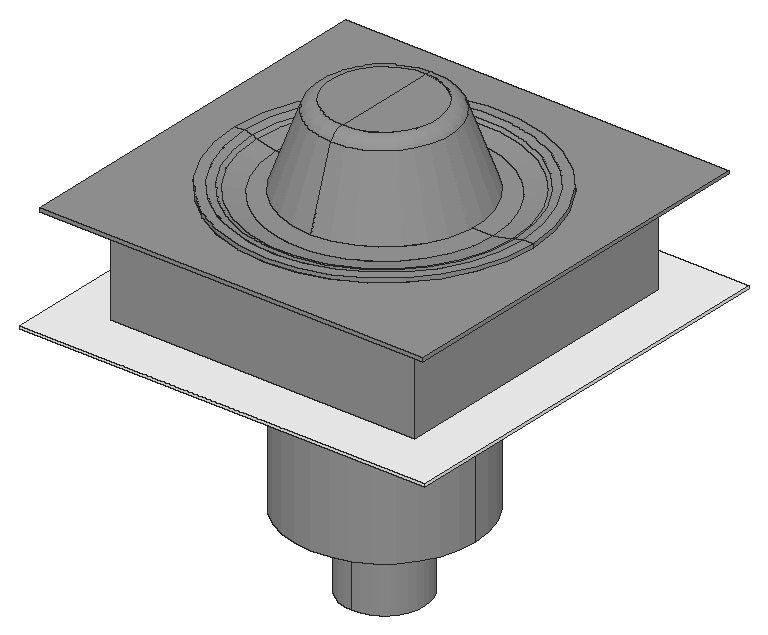
Revit family "HL_RU_Roof drain_HL63-B-221103", category Sanitärinstallationen, Revit 2020
Family settings
  Bemaßung runder Anschluss = Durchmesser verwenden
  Teiletyp = Normal
  OmniClass-Nummer = 23.70.50.21.24.14
  OmniClass-Titel = Deck Waste Water Drains
  Arbeitsebenenbasiert = Nein
  Immer vertikal = Ja
  Beim Laden mit Abzugskörper schneiden = Nein
  Gemeinsam genutzt = Nein
  Raumberechnungspunkt = Ja
Parameters (values of type "HL_Кровельная воронка_HL63_7")
  РЕШЁТКА = "Laubfangkorb d 145 mm"
  РАЗМЕР = "DN75"
  ПРОПУСКНАЯ СПОСОБНОСТЬ [instance] = 0.0 L/s
  ПРОИЗВОДИТЕЛЬНОСТЬ = "8,6 l/s"
  ПРАВОВАЯ ИНФОРМАЦИЯ = "Авторские права(©), права на дизайн или какие либо другие права интелектуальной собственности являются исключительной собственностью компании HL Hutterer & Lechner. Изменению не подлежит. Файл семейства с данными о прозводителе изделия защищен паролем с водяным знаком."
  НОМИНАЛЬНЫЙ ДИАМЕТР = 75 mm
  МАТЕРИАЛ = "PP"
  ВЫСОТА МОНТАЖА = "266_326 mm"
  ВЕС = "3,05 [kg]"
  Vorgabe-Ansicht = 0 mm
  Hersteller = "HL Hutterer & Lechner GmbH"  # constant formula
  URL = "http://www.hutterer-lechner.com/ru/products/catalog/roof-drains/HL63/7.aspx"
  Материал плитка [instance] = none
  Lüftungsverbindung = no
  Abwasserrohrverbindung = yes
  HW-Verbindung = no
  KW-Verbindung = no
  Beschreibung = "Кровельные воронки"
  Model = "HL63_7"
  Assembly Code = " "
  Typenkommentare = "HL63/7 Кровельная воронка DrainBox DN75 с зажимным элементом.,"
  Keynote = "HL63_7"
  Bысота монтажа [instance] = 100 mm  # constant formula
  G [instance] = 180.00°  # constant formula
  EAN = "9003076806300"
  D [instance] = 236 mm
  C [instance] = if(Bысота монтажа - 68 mm < 0 mm, 0 mm, Bысота монтажа - 68 mm)  # 32 mm
  B [instance] = 100 mm  # constant formula
  A [instance] = if(B - 100 mm > 15 mm, B - 100 mm, 15 mm)  # 15 mm
Types (4, lengths in mm): name | РАЗМЕР | ПРОИЗВОДИТЕЛЬНОСТЬ | НОМИНАЛЬНЫЙ ДИАМЕТР | ВЕС | URL | Model | Typenkommentare | Keynote | EAN
  (no name) | "DN75" | "8,6 l/s" | 75 | "3,05 [kg]" | "http://www.hutterer-lechner.com/ru/products/catalog/roof-drains/HL63/7.aspx" | "HL63_7" | "HL63/7 Кровельная воронка DrainBox DN75 с зажимным элементом.," | "HL63_7" | "9003076806300"
  HL_Кровельная воронка_HL63_1 | "DN110" | "8,7 l/s" | 110 | "3,08 [kg]" | "http://www.hutterer-lechner.com/ru/products/catalog/roof-drains/HL63/1.aspx" | "HL63_1" | "HL63/1 Кровельная воронка DrainBox DN110 с зажимным элементом.," | "HL63_1" | "9003076816309"
  HL_Кровельная воронка_HL63_2 | "DN125" | "12,2 l/s" | 125 | "3,1 [kg]" | "http://www.hutterer-lechner.com/ru/products/catalog/roof-drains/HL63/2.aspx" | "HL63_2" | "HL63/2 Кровельная воронка DrainBox DN125 с зажимным элементом.," | "HL63_2" | "9003076826308"
  HL_Кровельная воронка_HL63_7 | "DN75" | "8,6 l/s" | 75 | "3,05 [kg]" | "http://www.hutterer-lechner.com/ru/products/catalog/roof-drains/HL63/7.aspx" | "HL63_7" | "HL63/7 Кровельная воронка DrainBox DN75 с зажимным элементом.," | "HL63_7" | "9003076806300"
Reference planes
  plane 1 "Center (Front/Back)": y = 0
  plane 2: z = 0
  plane 3 "Center (Left/Right)": x = 0
  plane 4: z = -100
  plane 5: z = -100
Lines and regions (mm)
  model lines, style "InvisibleLines"
    curve 1: line (0, 0, 0) -> (0, 0, 20)
  model lines, style "PlumbingFixtures", detail levels coarse+medium
    curve 2: line (0, 0, -100) -> (0, 0, -85)
    curve 3: line (0, 0, -85) -> (-85, 0, 0)
    curve 4: line (0, 0, -85) -> (85, 0, 0)
    curve 6: line (0, 0, -100) -> (0, 0, -336)
  reference lines, not visible
    curve 5: line (0, 0, -100) -> (0, 0, -336)
  symbolic lines, style "PlumbingFixtures", detail levels coarse+medium
    curve 7: line (-75, 75, 0) -> (75, 75, 0)
    curve 8: line (-75, -75, 0) -> (-75, 75, 0)
    curve 9: line (75, -75, 0) -> (-75, -75, 0)
    curve 10: line (75, 75, 0) -> (75, -75, 0)
    curve 11: line (-75, 75, 0) -> (-145.711, 145.711, 0)
    curve 12: line (75, 75, 0) -> (145.711, 145.711, 0)
    curve 13: line (-75, -75, 0) -> (-145.711, -145.711, 0)
    curve 14: line (75, -75, 0) -> (145.711, -145.711, 0)
  symbolic lines, style "PlumbingFixtures", not visible, detail levels coarse+medium
    curve 15: line (-75, 75, 0) -> (75, 75, 0)
    curve 16: line (-75, -75, 0) -> (-75, 75, 0)
    curve 17: line (75, -75, 0) -> (-75, -75, 0)
    curve 18: line (75, 75, 0) -> (75, -75, 0)
    curve 19: line (-75, 75, 0) -> (-145.711, 145.711, 0)
    curve 20: line (75, 75, 0) -> (145.711, 145.711, 0)
    curve 21: line (-75, -75, 0) -> (-145.711, -145.711, 0)
    curve 22: line (75, -75, 0) -> (145.711, -145.711, 0)
Text (mm)
  text "FLOOR" at (-162.344, 0, -10.979), in view "Drain Construction View"
Dimensions and locks
  "B": plane 2 to plane 4
  "Bысота монтажа": plane 2 to plane 5
  "A": curve 4 to plane 4
  "D": curve 5 to curve 5
  "D": curve 6 to curve 6
  locked: curve 4 to plane 3 "Center (Left/Right)" (angle 45.00°)
  locked: plane 3 "Center (Left/Right)" to curve 3 (angle 45.00°)
  "G": angle curve 5 to plane 3 "Center (Left/Right)"
  aligned and locked: level to plane 2
  aligned and locked: plane 2 to curve 4
  aligned and locked: plane 2 to curve 3
  aligned and locked: plane 4 to curve 5
  aligned and locked: plane 3 "Center (Left/Right)" to curve 5
  aligned and locked: plane 4 to curve 2
  aligned and locked: curve 6 to plane 3 "Center (Left/Right)"
  aligned and locked: curve 6 to plane 4
  aligned and locked: nested 1 to plane 2
  aligned and locked: nested 1 to plane 3 "Center (Left/Right)"
  aligned and locked: plane 2 to nested 2
  aligned and locked: plane 3 "Center (Left/Right)" to nested 2
Automatic sketch dimensions
  curve 2 to plane 3 "Center (Left/Right)" = 0 mm
  curve 1 to plane 3 "Center (Left/Right)" = 0 mm
  curve 1 to level = 0 mm
  level to curve 1 = 20 mm
Nested families
  nested 1: "HL_кровельные воронки - корпус_HL63" at (0, 0, 0), НОМИНАЛЬНЫЙ ДИАМЕТР <- "НОМИНАЛЬНЫЙ ДИАМЕТР", Bысота Монтажа <- "Bысота монтажа", type "HL_кровельные воронки - корпус_HL63"
    with НОМИНАЛЬНЫЙ ДИАМЕТР 75 mm, L2 2.5 mm, L 100 mm, IHmin 266 mm, IHmax 326 mm, Bысота Монтажа 100 mm
  nested 2: "HL_Вспомогательные материалы-Противопожарная защита_HL062.1E" at (0, 0, 0), type "HL_Вспомогательные материалы-Противопожарная защита_HL062.1E"
Connectors
  piping at (0, 0, -336), diameter 75, driven by "ПРОПУСКНАЯ СПОСОБНОСТЬ", driven by "НОМИНАЛЬНЫЙ ДИАМЕТР"
    settings: on curve 5, index 1, connector inside diameter 609.6 mm, connector length 0 mm, flow factor 0, pipe flow 0.0 L/s, pressure drop 0.0 Pa, fitting loss kfactor 0, connector angle 0.00°, fixture units 0, engagement length 0 mm, angle of deflection 0.00°, flow configuration 1, flow direction 2, fitting loss method 0, system type 16, joint type 0, gender type 0, connector reference index -1, connector utility 0, adjustable connector yes, is connector primary yes, connector description ""
Definition of nested family "HL_кровельные воронки - корпус_HL63"
  Parameters (values of type "HL_кровельные воронки - корпус_HL63")
    НОМИНАЛЬНЫЙ ДИАМЕТР [instance] = 75 mm
    Default Elevation = 0 mm
    Manufacturer = ""
    URL = ""
    Description = ""
    Model = ""
    L2 [instance] = if((L = 0 mm), 0 mm, 2.5 mm)  # 2.5 mm
    L [instance] = if(Bысота Монтажа < (IHmin - 166 mm), 0 mm, if(Bысота Монтажа > (IHmax - 166 mm) + 0.1 mm, 0 mm, Bысота Монтажа + 0 mm))  # 100 mm
    Type Comments = ""
    Bысота Монтажа [instance] = 100 mm
    IHmin [instance] = 266 mm
    IHmax [instance] = 326 mm
    Cost = 0
  Reference planes
    plane 1 "Střed (vpředu/vzadu)": y = 0
    plane 2: z = 0
    plane 3 "Střed (vlevo/vpravo)": x = 0
  Forms (mm)
    Revolve 1, solid, detail levels fine
      sketch origin (0, 0, 0) x (1, 0, 0) y (0, 0, 1)
        loop
          line (-139.449, 3.483) -> (-139.449, 0) -> (-123.733, 0) -> (-80.656, -22.905) -> (-75.619, -30.372) -> (-74.528, -30.372) -> (-74.528, -25.503) -> (-75.876, -24.372) -> (-76.883, -24.372) -> (-78.919, -22.336) -> (-78.919, -6.4) -> (-80.811, -3.372) -> (-101.774, -3.372) -> (-119.623, 0.422) -> (-123.286, 1.828) -> (-130.458, 3.483) -> (-139.449, 3.483)
        axis (0, 3.483) -> (0, -30.372)
      angle from 0 to 360
    Revolve 2, solid, detail levels fine
      sketch origin (0, 0, 0) x (1, 0, 0) y (0, 0, 1)
        loop
          line (0, -270.998) -> (0, -79.034) -> (-59.734, -79.034) -> (-78.037, -37.925) -> (-78.037, -28.716) -> (-85.605, -28.716) -> (-85.605, -99.5) -> (-85.605, -265.5) -> (-67.117, -265.5) -> (-67.117, -270.998) -> (0, -270.998)
        axis (0, -28.716) -> (0, -270.998)
      angle from 0 to 360
    Extrusion 3, solid, detail levels fine
      sketch origin (0, 0, 0) x (1, 0, 0) y (0, 1, 0)
        loop
          line (179, 179) -> (-179, 179) -> (-179, -179) -> (179, -179) -> (179, 179)
        loop
          circle (0, 0) r 140
      from 0 to -3
    Extrusion 4, solid, detail levels fine
      sketch origin (0, 0, -3) x (0, 1, 0) y (1, 0, 0)
        loop
          line (142, -142) -> (142, 142) -> (-142, 142) -> (-142, -142) -> (142, -142)
        loop
          line (137.815, -138.15) -> (137.815, 138.393) -> (-138.16, 138.393) -> (-138.16, -138.15) -> (137.815, -138.15)
      from 0 to 94
    Extrusion 5, solid, detail levels fine
      sketch origin (0, 189, -100) x (0, -1, 0) y (1, 0, 0)
        loop
          line (0, -189) -> (378, -189) -> (378, 189) -> (0, 189) -> (0, -189)
      from 0 to 2.5 <- "L2"
    Extrusion 6, solid, detail levels fine
      sketch origin (0, 189, -97.5) x (0, -1, 0) y (1, 0, 0)
        loop
          line (327.16, 138.393) -> (51.185, 138.393) -> (51.185, -138.15) -> (327.16, -138.15) -> (327.16, 138.393)
        loop
          line (58.811, -130.38) -> (318.811, -130.38) -> (318.811, 130.965) -> (58.811, 130.965) -> (58.811, -130.38)
      from 0 to 60
    Extrusion 7, solid, detail levels fine
      sketch origin (0, 0, -270.998) x (0, 1, 0) y (1, 0, 0)
        loop
          circle (0, 0) r 37.5
      from 0 to 65
  Lines and regions (mm)
    reference lines
      curve 1: line (0, 189, -100) -> (0, -246, -100)
  Dimensions and locks
    "L": curve 1 to plane 2
    "НОМИНАЛЬНЫЙ ДИАМЕТР": diameter of Extrusion 7 sketch curve
    aligned and locked: level to plane 2
  Automatic sketch dimensions
    Revolve 1 sketch curve to level = 0 mm
    Revolve 1 sketch curve to plane 3 "Střed (vlevo/vpravo)" = 0 mm
    Revolve 1 sketch curve to level = 30.372 mm
    Revolve 1 sketch curve to plane 3 "Střed (vlevo/vpravo)" = 74.528 mm
    Revolve 1 sketch curve to Revolve 1 sketch curve = 1.091 mm
    Revolve 1 sketch curve to level = 24.372 mm
    Revolve 1 sketch curve to Revolve 1 sketch curve = 1.348 mm
    Revolve 1 sketch curve to Revolve 1 sketch curve = 1.008 mm
    Revolve 1 sketch curve to Revolve 1 sketch curve = 2.036 mm
    Revolve 1 sketch curve to level = 22.905 mm
    Revolve 1 sketch curve to Revolve 1 sketch curve = 1.736 mm
    Revolve 1 sketch curve to Revolve 1 sketch curve = 1.892 mm
    Revolve 1 sketch curve to level = 3.372 mm
    Revolve 1 sketch curve to Revolve 1 sketch curve = 20.963 mm
    level to Revolve 1 sketch curve = 0.422 mm
    Revolve 1 sketch curve to Revolve 1 sketch curve = 17.849 mm
    level to Revolve 1 sketch curve = 1.828 mm
    Revolve 1 sketch curve to Revolve 1 sketch curve = 3.663 mm
    Revolve 1 sketch curve to Revolve 1 sketch curve = 0.447 mm
    level to Revolve 1 sketch curve = 3.483 mm
    Revolve 1 sketch curve to Revolve 1 sketch curve = 7.172 mm
    Revolve 1 sketch curve to Revolve 1 sketch curve = 8.991 mm
    Revolve 1 sketch curve to Revolve 1 sketch curve = 1.131 mm
    Revolve 1 sketch curve to Revolve 1 sketch curve = 0.569 mm
    Revolve 1 sketch curve to Revolve 1 sketch curve = 3.027 mm
    Revolve 1 sketch curve to Revolve 1 sketch curve = 269.628 mm
    level to Revolve 1 sketch curve = 295.621 mm
    plane 1 "Střed (vpředu/vzadu)" to Extrusion 3 sketch curve = 0 mm
    Extrusion 3 sketch curve to plane 3 "Střed (vlevo/vpravo)" = 0 mm
    Extrusion 3 sketch curve to plane 3 "Střed (vlevo/vpravo)" = 179 mm
    plane 3 "Střed (vlevo/vpravo)" to Extrusion 3 sketch curve = 179 mm
    plane 1 "Střed (vpředu/vzadu)" to Extrusion 3 sketch curve = 179 mm
    Extrusion 3 sketch curve to plane 1 "Střed (vpředu/vzadu)" = 179 mm
    Extrusion 3 to Extrusion 4 sketch curve = 37 mm  (x2)
    Extrusion 4 sketch curve to Extrusion 4 sketch curve = 3.84 mm
    Extrusion 3 to Extrusion 4 sketch curve = 41.185 mm
    Extrusion 4 sketch curve to Extrusion 4 sketch curve = 4.185 mm
    Extrusion 4 sketch curve to Extrusion 4 sketch curve = 3.607 mm
    Extrusion 3 to Extrusion 4 sketch curve = 40.85 mm
    Extrusion 4 sketch curve to Extrusion 4 sketch curve = 3.85 mm
    curve 1 to Extrusion 5 sketch curve = 0 mm
    Extrusion 5 sketch curve to curve 1 = 189 mm
    curve 1 to Extrusion 5 sketch curve = 189 mm
    Extrusion 5 sketch curve to curve 1 = 57 mm
    Extrusion 6 sketch curve to Extrusion 5 = 51.185 mm
    Extrusion 6 sketch curve to Extrusion 6 sketch curve = 7.626 mm
    Extrusion 6 sketch curve to Extrusion 5 = 59.189 mm
    Extrusion 6 sketch curve to Extrusion 6 sketch curve = 8.349 mm
    Extrusion 6 sketch curve to Extrusion 5 = 50.85 mm
    Extrusion 6 sketch curve to Extrusion 6 sketch curve = 7.77 mm
    Extrusion 6 sketch curve to Extrusion 5 = 58.035 mm
    Extrusion 6 sketch curve to Extrusion 6 sketch curve = 7.428 mm
    Revolve 2 sketch curve to plane 3 "Střed (vlevo/vpravo)" = 0 mm  (x2)
    Revolve 2 sketch curve to plane 3 "Střed (vlevo/vpravo)" = 59.734 mm
    Revolve 2 sketch curve to plane 3 "Střed (vlevo/vpravo)" = 67.117 mm
    Revolve 2 sketch curve to Revolve 2 sketch curve = 18.303 mm
    Revolve 2 sketch curve to Revolve 2 sketch curve = 7.569 mm
    Revolve 2 sketch curve to level = 270.998 mm
    Revolve 2 sketch curve to Revolve 2 sketch curve = 5.498 mm
    Revolve 2 sketch curve to level = 99.5 mm
    Revolve 2 sketch curve to level = 79.034 mm
    Revolve 2 sketch curve to level = 37.925 mm
    Revolve 2 sketch curve to Revolve 2 sketch curve = 9.209 mm
    Revolve 2 sketch curve to Revolve 2 sketch curve = 29.002 mm
    level to Revolve 2 sketch curve = 295.621 mm
    plane 1 "Střed (vpředu/vzadu)" to curve 1 = 246 mm
    curve 1 to plane 1 "Střed (vpředu/vzadu)" = 189 mm
    Extrusion 7 sketch curve to Revolve 2 = 0 mm
    radius of Extrusion 3 sketch curve = 140 mm
Definition of nested family "HL_Вспомогательные материалы-Противопожарная защита_HL062.1E"
  Parameters
    ПРАВОВАЯ ИНФОРМАЦИЯ = ""
    ВЕС = "0,097 [kg]"
    Default Elevation = 0 mm
    Manufacturer = ""
    URL = ""
    Материал плитка = none
    Description = ""
    Model = ""
    Type Comments = "HL062.1E, domed plastic grate"
    Keynote = ""
    Пропускная способность [instance] = 0.0 L/s
    EAN = "9003076006212"
    Cost = 0
  Types (2, lengths in mm): name | ПРАВОВАЯ ИНФОРМАЦИЯ | Manufacturer | URL | Description | Model | Type Comments | Keynote
    (no name) | "" | "" | "" | "" | "" | "HL062.1E, domed plastic grate" | ""
    HL_Вспомогательные материалы-Противопожарная защита_HL062.1E | "Авторские права(©), права на дизайн или какие либо другие права интелектуальной собственности являются исключительной собственностью компании HL Hutterer & Lechner. Изменению не подлежит. Файл семейства с данными о прозводителе изделия защищен паролем с водяным знаком." | "HL Hutterer & Lechner GmbH" | "http://www.hutterer-lechner.com/ru/products/catalog/roof-drains/HL062.1E.aspx" | "Кровельные воронки" | "HL062.1E" | "HL062.1E, Листвоуловитель" | "HL062.1E"
  Reference planes
    plane 1 "Střed (vpředu/vzadu)": y = 0
    plane 2: z = 0
    plane 3 "Střed (vlevo/vpravo)": x = 0
  Forms (mm)
    Revolve 1, solid, detail levels fine
      sketch origin (0, 0, 0) x (0, 1, 0) y (0, 0, 1)
        loop
          line (0, 75) -> (0, 60.2) -> (47.074, 60.2) -> (68.985, 0) -> (86.249, 0) -> (61.992, 66.646)
          arc (61.992, 66.646) -> (56.733, 72.731) -> (49.016, 75) r 14.255
          line (49.016, 75) -> (0, 75)
        axis (0, 75) -> (0, 0)
      angle from 0 to 360
    Extrusion 2, solid, detail levels fine
      sketch origin (0, 0, 0) x (0, 1, 0) y (1, 0, 0)
        loop
          circle (0, 0) r 78.587
        loop
          circle (0, 0) r 70.981
      from 0 to 16.7
    Extrusion 3, solid, detail levels fine
      sketch origin (0, 0, -16.7) x (-1, 0, 0) y (0, 1, 0)
        loop
          circle (0, 0) r 70
        loop
          circle (0, 0) r 74.546
      from 0 to 12.3
  Dimensions and locks
    aligned and locked: level to plane 2
